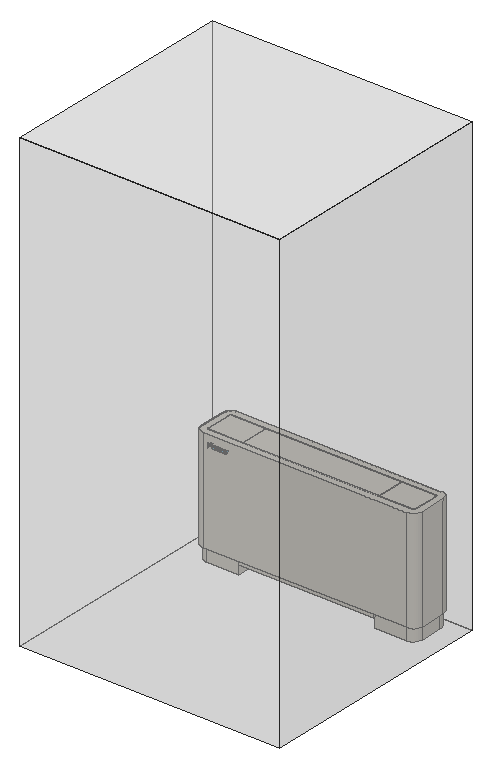
Revit family "outputfile", category 機械設備, Revit 2024
Family settings
  丸型コネクタ寸法 = 半径を使用
  パーツ タイプ = 標準
  OmniClass 番号 = 23.75.10.24.21.27.27
  OmniClass タイトル = Split System Air Conditioning Units
  作業面ベース = いいえ
  常に垂直 = はい
  ロード時にボイドで切り取り = いいえ
  注釈の向きを維持 = いいえ
  共有 = いいえ
  部屋計算ポイント = いいえ
Parameters (values of type "FXLQ32MAVE8")
  Description = ""
  製造元 = "Daikin"
  書き出し IFC クラス(タイプ) = "IfcUnitaryEquipmentType"
  定義済み IFC タイプ(タイプ) = "AIRCONDITIONINGUNIT"
  Cost = 0
  モデル = "FXLQ32MAVE8"
  Type Comments = ""
  Keynote = ""
  Type Image = (empty or 0)
  Assembly Code = ""
  w_machine casing = 760.0 mm
  w_hangerfixture = 0.0 mm
  w_dischargeflange = 702.0 mm
  w_2_machine casing = 730.0 mm
  w_1_machine casing = 702.0 mm
  r_Liquid Pipe Size = Liquid Pipe Size / 2  # 3.2 mm
  r_Gas Pipe Size = Gas Pipe Size / 2  # 6.35 mm
  w_mounting foot = 830.0 mm
  r_Drain Pipe Size = Drain Pipe Size / 2  # 10.5 mm
  h_mountinghole = [h***] + 2.5 mm  # 2.5 mm
  lh_liquidpipe = 391.0 mm  # constant formula
  lh_gaspipe = 301.0 mm  # constant formula
  lh_drainpipe = 181.0 mm  # constant formula
  lh_antena = 598.5 mm  # constant formula
  ld_liquidpipe = 88.0 mm  # constant formula
  ld_gaspipe = 143.0 mm  # constant formula
  ld_drainpipe = 156.0 mm  # constant formula
  h*** = 0.0 mm  # constant formula
  w_front suction = 601.0 mm
  d_pipe_2 = 27.3 mm  # constant formula
  d_pipe_1 = 47.6 mm  # constant formula
  d_pipe = 71.2 mm  # constant formula
  Width = 1140.0 mm
  Voltage_comment_50Hz = "220-240"
  Voltage_50Hz = 220 V
  Version = "ver.1.0"
  Unit Type = "Floor Standing Type"
  Unit Mass Weight = 30.00 kg
  Unit Designation [instance] = ""
  Uniclass2015Version = "Products v1.30"
  Uniclass2015Title = "Variable refrigerant flow units"
  Uniclass2015Code = "Pr_70_65_03_94"
  URL = ""
  Total Heating Capacity [instance] = 0.000 kW
  Total Cooling Capacity [instance] = 0.000 kW
  Sound Pressure Level_M speed (dBA) = 0
  Sound Pressure Level_L speed (dBA) = 33
  Sound Pressure Level_H speed (dBA) = 36
  Sound Power Level_H speed (dB) = 0
  Series = "VRV Fan Coil Unit"
  Sensible Cooling Capacity [instance] = 0.000 kW
  SA Duct Size Width = w_dischargeflange  # 702.0 mm
  SA Duct Size Height = 150.0 mm  # constant formula
  Refrigerant Type = "R410A"
  Power Input (Heating) = 0.090 kW
  Power Input (Cooling) = 0.090 kW
  Phase_50Hz = 1
  Option Accessory 3 [instance] = ""
  Option Accessory 2 [instance] = ""
  Option Accessory 1 [instance] = ""
  Nominal Heating Capacity = 4.000 kW
  Nominal Cooling Capacity = 3.600 kW
  Minimum External Static Pressure = 0.00 Pa
  Minimum Circuit Amps_50Hz = 0.6 A
  Minimum Airflow = 360.00 m³/h
  Median Airflow = 0.00 m³/h
  Maximum Fuse Amps_50Hz = 15.0 A
  Maximum External Static Pressure = 0.00 Pa
  Maximum Airflow = 480.00 m³/h
  Material_Casing = DAIKIN_IvoryWhite_Casing_indoorunit
  Load Classification = HVAC
  Liquid Pipe Size = 6.4 mm
  Link_Nested Family [instance] = ""
  IfcVersion = "0"
  IfcExportType = "AIRCONDITIONINGUNIT"
  IfcExportAs = "IfcUnitaryEquipmentType"
  Height = 600.0 mm
  Heating Entering Wet Bulb Temperature [instance] = 0.00 °C
  Heating Entering Dry Bulb Temperature [instance] = 0.00 °C
  Heating Ambient Wet Bulb Temperature [instance] = 0.00 °C
  Heating Ambient Dry Bulb Temperature [instance] = 0.00 °C
  Heat Exchanger Type = "Cross Fin Coil"
  Gas Pipe Size = 12.7 mm
  Frequency_50Hz = 50 Hz
  Fan Type = "Sirocco Fan"
  Fan Drive = "Direct Drive"
  FCU Tag No. [instance] = ""
  Drain Pipe Size = 21.0 mm
  Design Supply Airflow [instance] = 0.00 m³/h
  Design External Static Pressure [instance] = 0.00 Pa
  Depth = 222.0 mm
  既定の高さ = 0.0 mm
  Cooling Entering Wet Bulb Temperature [instance] = 0.00 °C
  Cooling Entering Dry Bulb Temperature [instance] = 0.00 °C
  Cooling Ambient Wet Bulb Temperature [instance] = 0.00 °C
  Cooling Ambient Dry Bulb Temperature [instance] = 0.00 °C
  Clearance visibility [instance] = yes
  Clearance Top = 1750.0 mm
  Clearance Right = 100.0 mm
  Clearance Rear = 20.0 mm
  Clearance Left = 100.0 mm
  Clearance Front = 1000.0 mm
  Clearance Bottom = 0.0 mm
Reference planes
  plane 1: y = 0
  plane 2: z = 0
  plane 3 "Center (Left/Right)": x = 0
  plane 4 "Center (Front/Back)": y = -103
  plane 5: y = -206
  plane 6: x = -380
  plane 7: x = 380
  plane 8: z = 584
  plane 9: z = 68
  plane 10: z = 609
  plane 11: z = 2350
  plane 12: z = 0
  plane 13: x = -670
  plane 14: x = 670
  plane 15: y = -1214
  plane 16: y = 28
  plane 17 "Bottom": z = 0
  plane 18: x = -348
  plane 19: x = 348
  plane 20: x = -399
  plane 21: x = -550
  plane 22: z = 129
  plane 23: z = 518
  plane 24: z = 564.5
  plane 25: y = -32
  plane 26: x = 478.8
  plane 27 "ld_drainpipe": y = -148
  plane 28: z = 181
  plane 29: z = 301
  plane 30: z = 391
  plane 31: x = 407
  plane 32: x = 365
  plane 33: x = -365
  plane 34 "ld_liquidpipe": y = -80
  plane 35 "ld_gaspipe": y = -135
  plane 36: x = 514
  plane 37: z = 518.4
  plane 38: z = 388.6
  plane 39: x = 366
  plane 40: x = -366
  plane 41: x = -474.5
  plane 42: y = -42
  plane 43: y = -25.8
  plane 44 "Left": x = -570
  plane 45 "Right": x = 570
  plane 46: x = -351
  plane 47: x = 351
  plane 48: z = 70
  plane 49 "Top": z = 600
  plane 50 "Front": y = -214
  plane 51 "Back": y = 8
  plane 52: y = -201
Forms (mm)
  Extrusion 1, solid, material "DAIKIN_IvoryWhite_Casing_indoorunit" <- "Material_Casing"
    sketch origin (0, 0, 0) x (1, 0, 0) y (0, 1, 0)
      loop
        line (-380, 0) -> (-380, -206) -> (380, -206) -> (380, 0) -> (-380, 0)
    from 68 to 584
  Extrusion 2, solid, material "DAIKIN_IvoryWhite_Casing_indoorunit" <- "Material_Casing"
    sketch origin (0, 0, 68) x (0, 1, 0) y (1, 0, 0)
      loop
        line (0, -348) -> (0, 348) -> (-206, 348) -> (-206, -348) -> (0, -348)
    from 0 to 19.6
  Extrusion 3, solid, material "DAIKIN_IvoryWhite_Casing_indoorunit" <- "Material_Casing"
    sketch origin (-380, -206, 0) x (0, 1, 0) y (0, 0, -1)
      loop
        circle (103, -448.5) r 12.5
      loop
        circle (103, -243.5) r 12.5
    from 0 to 19
  Extrusion 4, solid, material "DAIKIN_IvoryWhite_Casing_indoorunit" <- "Material_Casing"
    sketch origin (0, 0, 68) x (-1, 0, 0) y (0, -1, 0)
      loop
        line (550, 25.8) -> (550, 71.25) -> (415.25, 206) -> (399, 206) -> (399, 25.8) -> (550, 25.8)
    from 61 to 450
  Extrusion 5, solid, material "DAIKIN_IvoryWhite_Casing_indoorunit" <- "Material_Casing"
    sketch origin (380, 0, 0) x (0, -1, 0) y (0, 0, -1)
      loop
        line (5.208, -545.14) -> (32, -564.5) -> (104, -554.5) -> (202.913, -407.529) -> (197.289, -319.3) -> (168.604, -299.952) -> (5.208, -545.14)
    from 0 to 98.8
  Extrusion 6, solid, material "DAIKIN_IvoryWhite_Casing_indoorunit" <- "Material_Casing"
    sketch origin (380, 0, 0) x (0, -1, 0) y (0, 0, -1)
      loop
        line (188.5, -240) -> (188.5, -210) -> (107.5, -210) -> (107.5, -240) -> (188.5, -240)
    from 0 to 50
  Extrusion 7, solid, material "DAIKIN_IvoryWhite_Casing_indoorunit" <- "Material_Casing"
    sketch origin (380, -107.5, 210) x (-1, 0, 0) y (0, 1, 0)
      loop
        circle (-27, -40.5) r 10.5
    from 0 to 29
  Sweep 8, solid, material "DAIKIN_IvoryWhite_Casing_indoorunit" <- "Material_Casing"
    path origin (0, -80, 0) x (0, 0, 1) y (1, 0, 0)
      loop
        line (518.4, 478.8) -> (518.4, 501)
        arc (518.4, 501) -> (514.592, 510.192) -> (505.4, 514) r 13
        line (505.4, 514) -> (391, 514)
    profile origin (489.9, -80, 518.4) x (0, 0, -1) y (0, 1, 0)
      loop
        circle (0, 0) r 3.2
  Sweep 9, solid, material "DAIKIN_IvoryWhite_Casing_indoorunit" <- "Material_Casing"
    path origin (0, -135, 0) x (0, 0, 1) y (1, 0, 0)
      loop
        line (388.6, 478.8) -> (388.6, 501)
        arc (388.6, 501) -> (384.792, 510.192) -> (375.6, 514) r 13
        line (375.6, 514) -> (301, 514)
    profile origin (489.9, -135, 388.6) x (0, 0, -1) y (0, 1, 0)
      loop
        circle (0, 0) r 6.35
Dimensions and locks
  equal spacing: plane 5, plane 4 "Center (Front/Back)", plane 1
  equal spacing: plane 6, plane 3 "Center (Left/Right)", plane 7
  locked: plane 10 to plane 8 at 25
  "h***": plane 17 "Bottom" to plane 2
  locked: plane 8 to plane 9 at 516
  "Clearance Bottom": plane 17 "Bottom" to plane 12
  locked: plane 6 to plane 18 at 32
  locked: plane 19 to plane 7 at 32
  plane 18 to plane 19 = 696.0 mm
  locked: Extrusion 3 sketch curve to plane 9 at 175.5
  locked: Extrusion 3 sketch curve to Extrusion 3 sketch curve at 205
  locked: plane 6 to plane 20 at 19
  plane 23 to plane 22 to plane 17 "Bottom" = 389.0 mm locked, 129.0 mm locked
  locked: plane 21 to plane 6 at 170
  locked: plane 10 to plane 24 at 44.5
  locked: plane 5 to plane 25 at 174
  locked: plane 7 to plane 26 at 98.8
  locked: Extrusion 6 sketch curve to Extrusion 6 sketch curve at 30
  locked: Extrusion 6 sketch curve to Extrusion 6 sketch curve at 81
  locked: Extrusion 6 sketch curve to plane 17 "Bottom" at 240
  locked: plane 27 "ld_drainpipe" to Extrusion 6 sketch curve at 40.5
  "lh_drainpipe": plane 28 to plane 17 "Bottom"
  "lh_gaspipe": plane 29 to plane 17 "Bottom"
  "lh_liquidpipe": plane 30 to plane 17 "Bottom"
  locked: plane 33 to plane 6 at 15
  locked: plane 7 to plane 32 at 15
  locked: plane 31 to plane 32 at 42
  locked: plane 36 to plane 7 at 134
  locked: plane 10 to plane 37 at 90.6
  locked: plane 10 to plane 38 at 220.4
  locked: plane 6 to plane 40 at 14
  locked: plane 39 to plane 7 at 14
  equal spacing: plane 32, plane 3 "Center (Left/Right)", plane 33
  plane 32 to plane 33 = 730.0 mm
  locked: plane 21 to plane 41 at 75.5
  locked: plane 42 to plane 1 at 42
  locked: plane 43 to plane 5 at 180.2
  locked: Extrusion 4 sketch curve to plane 20 at 16.25
  locked: plane 43 to Extrusion 4 sketch curve at 45.45
  locked: plane 46 to plane 44 "Left" at 219
  locked: plane 45 "Right" to plane 47 at 219
  "Width": plane 45 "Right" to plane 44 "Left"
  locked: plane 49 "Top" to plane 48 at 530
  equal spacing: plane 45 "Right", plane 3 "Center (Left/Right)", plane 44 "Left"
  "w_machine casing": plane 6 to plane 7
  "Depth": plane 51 "Back" to plane 50 "Front"
  equal spacing: plane 51 "Back", plane 4 "Center (Front/Back)", plane 50 "Front"
  locked: plane 1 to plane 5 at 206
  locked: plane 10 to plane 17 "Bottom" at 609
  "Height": plane 49 "Top" to plane 17 "Bottom"
  "Clearance Rear": plane 16 to plane 51 "Back"
  "Clearance Front": plane 50 "Front" to plane 15
  "Clearance Right": plane 14 to plane 45 "Right"
  "Clearance Left": plane 44 "Left" to plane 13
  "Clearance Top": plane 11 to plane 49 "Top"
  equal spacing: plane 18, nested 2, plane 19
  "ld_liquidpipe": plane 34 "ld_liquidpipe" to plane 51 "Back"
  "ld_gaspipe": plane 35 "ld_gaspipe" to plane 51 "Back"
  "ld_drainpipe": plane 27 "ld_drainpipe" to plane 51 "Back"
  locked: plane 50 "Front" to plane 52 at 13
  "Drain Pipe Size": diameter of Extrusion 7 sketch curve
  "Gas Pipe Size": diameter of Sweep 9 sketch curve
  locked: Extrusion 4 sketch curve to Extrusion 4 sketch curve (angle 45.00°)
  aligned and locked: level to plane 2
  aligned and locked: plane 1 to Extrusion 1 sketch curve
  aligned and locked: plane 6 to Extrusion 1 sketch curve
  aligned and locked: plane 5 to Extrusion 1 sketch curve
  aligned and locked: Extrusion 1 sketch curve to plane 7
  aligned and locked: plane 8 to Extrusion 1
  aligned and locked: Extrusion 1 to plane 9
  aligned and locked: plane 8 to nested 1
  aligned and locked: plane 3 "Center (Left/Right)" to nested 1
  aligned and locked: nested 2 to plane 16
  aligned and locked: nested 2 to plane 15
  aligned and locked: plane 11 to nested 2
  aligned and locked: plane 12 to nested 2
  aligned and locked: plane 13 to nested 2
  aligned and locked: plane 14 to nested 2
  aligned and locked: nested 3 to plane 4 "Center (Front/Back)"
  aligned and locked: nested 4 to plane 4 "Center (Front/Back)"
  aligned and locked: plane 1 to Extrusion 2 sketch curve
  aligned and locked: plane 5 to Extrusion 2 sketch curve
  aligned and locked: plane 18 to Extrusion 2 sketch curve
  aligned and locked: Extrusion 2 sketch curve to plane 19
  aligned and locked: plane 4 "Center (Front/Back)" to Extrusion 3 sketch curve  (x2)
  aligned and locked: Extrusion 3 to plane 20
  aligned and locked: plane 21 to Extrusion 4 sketch curve
  aligned and locked: Extrusion 4 sketch curve to plane 20
  aligned and locked: plane 23 to Extrusion 4
  aligned and locked: Extrusion 4 to plane 22
  aligned and locked: plane 26 to Extrusion 5
  aligned and locked: plane 25 to Extrusion 5 sketch curve
  aligned and locked: plane 24 to Extrusion 5 sketch curve
  aligned and locked: plane 31 to Extrusion 7 sketch curve
  aligned and locked: plane 27 "ld_drainpipe" to Extrusion 7 sketch curve
  aligned and locked: Extrusion 7 to plane 28
  aligned and locked: plane 36 to Sweep 8 sketch curve
  aligned and locked: Sweep 8 sketch curve to plane 37
  aligned and locked: plane 30 to Sweep 8 sketch curve
  aligned and locked: plane 26 to Sweep 8 sketch curve
  aligned and locked: plane 29 to Sweep 9 sketch curve
  aligned and locked: plane 26 to Sweep 9 sketch curve
  aligned and locked: Sweep 9 sketch curve to plane 38
  aligned and locked: plane 36 to Sweep 9 sketch curve
  aligned and locked: nested 3 to plane 39
  aligned and locked: plane 40 to nested 4
  aligned and locked: plane 31 to nested 5
  aligned and locked: nested 6 to plane 36
  aligned and locked: nested 7 to plane 36
  aligned and locked: nested 8 to plane 41
  aligned and locked: plane 4 "Center (Front/Back)" to nested 8
  aligned and locked: Extrusion 4 sketch curve to plane 43
  aligned and locked: Extrusion 4 sketch curve to plane 5
  aligned and locked: nested 7 to plane 34 "ld_liquidpipe"
  aligned and locked: nested 6 to plane 35 "ld_gaspipe"
  aligned and locked: nested 5 to plane 27 "ld_drainpipe"
  aligned and locked: nested 9 to plane 46
  aligned and locked: nested 9 to plane 17 "Bottom"
  aligned and locked: nested 10 to plane 47
  aligned and locked: nested 10 to plane 17 "Bottom"
  aligned and locked: plane 3 "Center (Left/Right)" to nested 11
  aligned and locked: nested 11 to plane 4 "Center (Front/Back)"
  aligned and locked: nested 11 to plane 48
  aligned and locked: nested 12 to plane 50 "Front"
  aligned and locked: plane 24 to nested 12
  aligned and locked: plane 20 to nested 12
  aligned and locked: plane 52 to nested 10
  aligned and locked: nested 9 to plane 52
  aligned and locked: nested 5 to plane 17 "Bottom"
  aligned and locked: nested 6 to plane 17 "Bottom"
  aligned and locked: nested 7 to plane 17 "Bottom"
  aligned and locked: nested 8 to plane 17 "Bottom"
  aligned and locked: plane 4 "Center (Front/Back)" to nested 1
  aligned and locked: plane 49 "Top" to nested 11
Automatic sketch dimensions
  Extrusion 1 sketch curve to plane 5 = 0.0 mm
  Extrusion 1 to Extrusion 5 sketch curve = 5.208 mm
  Extrusion 1 to Extrusion 5 sketch curve = 29.5 mm
  Extrusion 5 sketch curve to Extrusion 5 sketch curve = 72.0 mm
  Extrusion 1 to Extrusion 5 sketch curve = 37.396 mm
  Extrusion 1 to Extrusion 5 sketch curve = 8.711 mm
  Extrusion 1 to Extrusion 5 sketch curve = 3.087 mm
  Extrusion 5 sketch curve to Extrusion 5 sketch curve = 19.36 mm
  Extrusion 1 to Extrusion 5 sketch curve = 176.471 mm
  Extrusion 5 sketch curve to Extrusion 5 sketch curve = 88.229 mm
  Extrusion 5 sketch curve to Extrusion 5 sketch curve = 19.348 mm
  Sweep 8 sketch curve to profile plane = 0.0 mm  (x2)
  Sweep 8 sketch curve to plane 23 = 12.6 mm
  Sweep 9 sketch curve to plane 38 = 13.0 mm
  Sweep 9 sketch curve to plane 35 "ld_gaspipe" = 0.0 mm
  Sweep 9 sketch curve to profile plane = 0.0 mm
  radius of Extrusion 3 sketch curve = 12.5 mm  (x2)
  radius of Sweep 8 sketch curve = 3.2 mm
Nested families
  nested 1: "daikin_ductflange_FXLQ-MAVE8" at (0, -178, 584) x (1, 0, 0) z (0, 1, 0), width <- "w_dischargeflange", material <- "Material_Casing", type "daikin_ductflange_FXLQ-MAVE8"
    with width 702.0 mm, material DAIKIN_IvoryWhite_Casing_indoorunit, height 150.0 mm, depth 16.0 mm
  nested 2: "daikin_clearancespace" at (0, -593, 1175.119), visible <- "Clearance visibility", show <- "Clearance visibility", Link_Nested Family <- "Link_Nested Family", type "daikin_clearancespace"
    with width 1340.0 mm, show yes, height 2350.0 mm, depth 1242.0 mm, Link_Nested Family ""
  nested 3: "daikin_mountinghole" at (366, -103, 0), Link_Nested Family <- "Link_Nested Family", h_mountinghole <- "h_mountinghole", l_antenna <- "lh_antena", type "daikin_mountinghole"
    with show yes, l_antenna 598.5 mm, h_mountinghole 2.5 mm, Link_Nested Family ""
  nested 4: "daikin_mountinghole" at (-366, -103, 0), Link_Nested Family <- "Link_Nested Family", h_mountinghole <- "h_mountinghole", l_antenna <- "lh_antena", type "daikin_mountinghole"
    with show yes, l_antenna 598.5 mm, h_mountinghole 2.5 mm, Link_Nested Family ""
  nested 5: "daikin_connector_rotate2" at (407, -148, 181) x (1, 0, 0) z (0, -1, 0), radius <- "r_Drain Pipe Size", length <- "lh_drainpipe", type "daikin_connector_rotate2"
    with radius 10.5 mm, length 181.0 mm, angle_vertical 90.00°, show_face no
  nested 6: "daikin_connector_rotate2" at (514, -135, 301) x (1, 0, 0) z (0, -1, 0), radius <- "r_Gas Pipe Size", length <- "lh_gaspipe", type "daikin_connector_rotate2"
    with radius 6.35 mm, length 301.0 mm, angle_vertical 90.00°, show_face no
  nested 7: "daikin_connector_rotate2" at (514, -80, 391) x (1, 0, 0) z (0, -1, 0), radius <- "r_Liquid Pipe Size", length <- "lh_liquidpipe", type "daikin_connector_rotate2"
    with radius 3.2 mm, length 391.0 mm, angle_vertical 90.00°, show_face no
  nested 8: "daikin_connector_rotate2" at (-474.5, -103, 129) x (1, 0, 0) z (0, -1, 0), type "daikin_connector_rotate2"
    with radius 10.0 mm, length 129.0 mm, angle_vertical 90.00°, show_face no
  nested 9: "daikin_hangerfixture_FXLQ-MAVE8" at (-455.5, -99, 0), type "daikin_hangerfixture_FXLQ-MAVE8"
  nested 10: "daikin_hangerfixture_FXLQ-MAVE8" at (455.5, -99, 0) x (-1, 0, 0) z (0, 0, 1), type "daikin_hangerfixture_FXLQ-MAVE8"
  nested 11: "daikin_machine casing_FXLQ-MAVE8" at (0, -103, 70), width <- "Width", W_2 <- "w_2_machine casing", W_1 <- "w_1_machine casing", material <- "Material_Casing", type "daikin_machine casing_FXLQ-MAVE8"
    with width 1140.0 mm, material DAIKIN_IvoryWhite_Casing_indoorunit, height 530.0 mm, depth 222.0 mm, W_2 730.0 mm, W_1 702.0 mm, D_1 150.0 mm
  nested 12: "daikin_logo_elevation_w100" at (-434, -214, 539.5), type "daikin_logo_elevation_w100"
    with show_logo yes
Connectors
  electrical at (-474.5, -103, 0), driven by "Load Classification"
    settings: on nested 8, index 5, voltage 0 V, apparent load 0 VA, apparent load phase1 0 VA, apparent load phase2 0 VA, apparent load phase3 0 VA, power factor 1, load classification "HVAC", number of poles 1, system type 30, power factor state 1, is connector primary yes, connector utility no, sub classification motor no, connector description "Power Supply"
  piping at (514, -80, 0), diameter 6.4, driven by "r_Liquid Pipe Size"
    settings: on nested 7, index 6, connector inside diameter 609.6 mm, connector length 0.0 mm, flow factor 0, pipe flow 0.00 m³/h, pressure drop 0.0 Pa, fitting loss kfactor 0, connector angle 0.00°, fixture units 0, engagement length 0.0 mm, angle of deflection 0.00°, flow configuration 1, flow direction 1, fitting loss method 0, system type 29, joint type 0, gender type 0, connector reference index -1, connector utility 0, adjustable connector no, is connector primary yes, connector description "Refrigerant Liquid Piping"
  piping at (514, -135, 0), diameter 12.7, driven by "r_Gas Pipe Size"
    settings: on nested 6, index 7, connector inside diameter 609.6 mm, connector length 0.0 mm, flow factor 0, pipe flow 0.00 m³/h, pressure drop 0.0 Pa, fitting loss kfactor 0, connector angle 0.00°, fixture units 0, engagement length 0.0 mm, angle of deflection 0.00°, flow configuration 1, flow direction 2, fitting loss method 0, system type 29, joint type 0, gender type 0, connector reference index -1, connector utility 0, adjustable connector no, is connector primary no, connector description "Refrigerant Gas Piping"
  piping at (407, -148, 0), diameter 21, driven by "r_Drain Pipe Size"
    settings: on nested 5, index 8, connector inside diameter 609.6 mm, connector length 0.0 mm, flow factor 0, pipe flow 0.00 m³/h, pressure drop 0.0 Pa, fitting loss kfactor 0, connector angle 0.00°, fixture units 0, engagement length 0.0 mm, angle of deflection 0.00°, flow configuration 1, flow direction 2, fitting loss method 4, system type 16, joint type 0, gender type 0, connector reference index -1, connector utility 0, adjustable connector no, is connector primary no, connector description "Condensate Drain Piping"
Definition of nested family "daikin_ductflange_FXLQ-MAVE8"
  Parameters (values of type "daikin_ductflange_FXLQ-MAVE8")
    width [instance] = 662.0 mm
    material [instance] = none
    height [instance] = 150.0 mm
    depth [instance] = 25.0 mm
    Default Elevation = 0.0 mm
  Reference planes
    plane 1 "Center (Front/Back)": y = 0
    plane 2: z = 0
    plane 3 "Center (Left/Right)": x = 0
    plane 4: y = -25
    plane 5: x = -331
    plane 6: x = 331
    plane 7 "Top": z = 150
    plane 8: y = -1
    plane 9: z = 135.5
    plane 10: z = 14.5
    plane 11 "Center (Elevation)": z = 75
    plane 12: x = -330
    plane 13: x = 330
  Forms (mm)
    Extrusion 1, solid, material <- "material"
      sketch origin (0, 0, 0) x (1, 0, 0) y (0, 0, 1)
        loop
          line (-331, 150) -> (-331, 0) -> (331, 0) -> (331, 150) -> (-331, 150)
      from 1 to 25
  Dimensions and locks
    "height": plane 7 "Top" to plane 2
    "width": plane 5 to plane 6
    equal spacing: plane 5, plane 3 "Center (Left/Right)", plane 6
    "depth": plane 1 "Center (Front/Back)" to plane 4
    locked: plane 8 to plane 1 "Center (Front/Back)" at 1
    locked: plane 7 "Top" to plane 9 at 14.5
    locked: plane 10 to plane 2 at 14.5
    equal spacing: plane 7 "Top", plane 11 "Center (Elevation)", plane 2
    locked: plane 12 to plane 5 at 1
    locked: plane 6 to plane 13 at 1
    aligned and locked: level to plane 2
    aligned and locked: plane 5 to Extrusion 1 sketch curve
    aligned and locked: Extrusion 1 sketch curve to plane 7 "Top"
    aligned and locked: plane 2 to Extrusion 1 sketch curve
    aligned and locked: Extrusion 1 sketch curve to plane 6
    aligned and locked: Extrusion 1 to plane 4
    aligned and locked: plane 8 to Extrusion 1
Definition of nested family "daikin_clearancespace"
  Parameters (values of type "daikin_clearancespace")
    width [instance] = 1823.963 mm
    show [instance] = yes
    material = none
    height [instance] = 1359.762 mm
    depth [instance] = 880.0 mm
    Default Elevation = 0.0 mm
    Link_Nested Family [instance] = ""
  Reference planes
    plane 1 "Center (Front/Back)": y = 0
    plane 2 "Center (Elevation)": z = -0.119
    plane 3 "Center (Left/Right)": x = 0
    plane 4: y = 440
    plane 5: y = -440
    plane 6 "Right": x = 911.982
    plane 7 "Left": x = -911.982
    plane 8 "Top": z = 679.762
    plane 9 "Bottom": z = -680
  Forms (mm)
    Extrusion 1, solid, material <- "material", visible <- "show"
      sketch origin (0, 0, 0) x (1, 0, 0) y (0, 1, 0)
        loop
          line (-911.982, 440) -> (-911.982, -440) -> (911.982, -440) -> (911.982, 440) -> (-911.982, 440)
      from -680 to 679.762
  Lines and regions (mm)
    symbolic lines, visible <- "show"
      curve 1: line (911.982, 440, 0) -> (-911.982, 440, 0)
      curve 2: line (-911.982, 440, 0) -> (-911.982, -440, 0)
      curve 3: line (-911.982, -440, 0) -> (911.982, -440, 0)
      curve 4: line (911.982, -440, 0) -> (911.982, 440, 0)
      curve 5: line (911.982, 0, 679.762) -> (-911.982, 0, 679.762)
      curve 6: line (911.982, 0, -680) -> (911.982, 0, 679.762)
      curve 7: line (-911.982, 0, -680) -> (911.982, 0, -680)
      curve 8: line (-911.982, 0, 679.762) -> (-911.982, 0, -680)
      curve 9: line (0, 440, 679.762) -> (0, -440, 679.762)
      curve 10: line (0, -440, 679.762) -> (0, -440, -680)
      curve 11: line (0, 440, -680) -> (0, 440, 679.762)
      curve 12: line (0, -440, -680) -> (0, 440, -680)
  Dimensions and locks
    "width": plane 7 "Left" to plane 6 "Right"
    "depth": plane 4 to plane 5
    "height": plane 8 "Top" to plane 9 "Bottom"
    equal spacing: plane 7 "Left", plane 3 "Center (Left/Right)", plane 6 "Right"
    equal spacing: plane 4, plane 1 "Center (Front/Back)", plane 5
    equal spacing: plane 8 "Top", plane 2 "Center (Elevation)", plane 9 "Bottom"
    aligned and locked: level to plane 2 "Center (Elevation)"
    aligned and locked: Extrusion 1 sketch curve to plane 4
    aligned and locked: plane 7 "Left" to Extrusion 1 sketch curve
    aligned and locked: Extrusion 1 sketch curve to plane 5
    aligned and locked: Extrusion 1 sketch curve to plane 6 "Right"
    aligned and locked: plane 8 "Top" to Extrusion 1
    aligned and locked: curve 1 to Extrusion 1
    aligned and locked: curve 2 to Extrusion 1
    aligned and locked: curve 3 to Extrusion 1
    aligned and locked: curve 4 to Extrusion 1
    aligned and locked: curve 5 to Extrusion 1
    aligned and locked: curve 6 to Extrusion 1
    aligned and locked: curve 7 to Extrusion 1
    aligned and locked: curve 8 to Extrusion 1
    aligned and locked: curve 9 to Extrusion 1
    aligned and locked: curve 10 to Extrusion 1
    aligned and locked: curve 11 to Extrusion 1
    aligned and locked: curve 12 to Extrusion 1
    aligned and locked: Extrusion 1 to plane 9 "Bottom"
Definition of nested family "daikin_hangerfixture_FXLQ-MAVE8"
  Parameters (values of type "daikin_hangerfixture_FXLQ-MAVE8")
    width = 209.0 mm
    material = none
    height = 70.0 mm
    depth = 204.0 mm
    Default Elevation = 0.0 mm
  Reference planes
    plane 1 "Center (Front/Back)": y = 0
    plane 2: z = 0
    plane 3 "Center (Left/Right)": x = 0
    plane 4: x = -104.5
    plane 5: x = 104.5
    plane 6: y = 102
    plane 7: y = -102
    plane 8: z = 70
  Forms (mm)
    Extrusion 1, solid, material <- "material"
      sketch origin (0, 0, 0) x (1, 0, 0) y (0, 1, 0)
        loop
          arc (-59.5, 102) -> (-91.32, 88.82) -> (-104.5, 57) r 45
          line (-104.5, 57) -> (-104.5, -57)
          arc (-104.5, -57) -> (-91.32, -88.82) -> (-59.5, -102) r 45
          line (-59.5, -102) -> (104.5, -102) -> (104.5, 102) -> (-59.5, 102)
      from 0 to 70
    Extrusion 2, void
      sketch origin (0, 0, 0) x (1, 0, 0) y (0, 1, 0)
        loop
          line (74.5, 92) -> (-55.5, 92)
          arc (-55.5, 92) -> (-80.249, 81.749) -> (-90.5, 57) r 35
          line (-90.5, 57) -> (-90.5, -57)
          arc (-90.5, -57) -> (-80.249, -81.749) -> (-55.5, -92) r 35
          line (-55.5, -92) -> (74.5, -92) -> (74.5, 92)
      from 0 to 67.5
    Extrusion 3, void
      sketch origin (0, 0, 0) x (1, 0, 0) y (0, 1, 0)
        loop
          line (83.5, 9) -> (83.5, -9) -> (95.5, -9) -> (95.5, 9) -> (83.5, 9)
      from 0 to 2.5
    Extrusion 4, void
      sketch origin (0, 0, 0) x (1, 0, 0) y (0, 1, 0)
        loop
          line (74.5, 92) -> (74.5, -92) -> (102, -92) -> (102, 92) -> (74.5, 92)
      from 2.5 to 67.5
  Cuts and joins
    Extrusion 2, Extrusion 3, Extrusion 4 cuts Extrusion 1
  Dimensions and locks
    "depth": plane 7 to plane 6
    equal spacing: plane 7, plane 1 "Center (Front/Back)", plane 6
    "width": plane 4 to plane 5
    equal spacing: plane 4, plane 3 "Center (Left/Right)", plane 5
    "height": plane 8 to plane 2
    locked: Extrusion 2 sketch curve to plane 5 at 30
    locked: Extrusion 2 sketch curve to plane 6 at 10
    locked: plane 7 to Extrusion 2 sketch curve at 10
    locked: plane 4 to Extrusion 2 sketch curve at 14
    locked: Extrusion 3 sketch curve to Extrusion 3 sketch curve at 12
    locked: Extrusion 3 sketch curve to Extrusion 3 sketch curve at 18
    locked: Extrusion 3 sketch curve to plane 1 "Center (Front/Back)" at 9
    locked: Extrusion 3 sketch curve to plane 5 at 9
    locked: Extrusion 4 sketch curve to plane 6 at 10
    locked: plane 7 to Extrusion 4 sketch curve at 10
    locked: Extrusion 4 sketch curve to plane 5 at 2.5
    aligned and locked: level to plane 2
    aligned and locked: plane 6 to Extrusion 1 sketch curve
    aligned and locked: plane 4 to Extrusion 1 sketch curve
    aligned and locked: Extrusion 1 sketch curve to plane 7
    aligned and locked: Extrusion 1 sketch curve to plane 5
    aligned and locked: plane 8 to Extrusion 1
  Automatic sketch dimensions
    plane 4 to Extrusion 1 sketch curve = 45.0 mm  (x2)
    plane 4 to Extrusion 2 sketch curve = 49.0 mm
    Extrusion 2 sketch curve to Extrusion 2 sketch curve = 35.0 mm
    Extrusion 4 sketch curve to plane 5 = 30.0 mm
Definition of nested family "daikin_machine casing_FXLQ-MAVE8"
  Parameters (values of type "daikin_machine casing_FXLQ-MAVE8")
    width [instance] = 1000.0 mm
    material [instance] = none
    height [instance] = 530.0 mm
    depth [instance] = 222.0 mm
    W_2 [instance] = 590.0 mm
    W_1 [instance] = 562.0 mm
    Default Elevation = 0.0 mm
    D_1 [instance] = 150.0 mm
  Reference planes
    plane 1 "Center (Front/Back)": y = 0
    plane 2: z = 0
    plane 3 "Center (Left/Right)": x = 0
    plane 4: x = -500
    plane 5: x = 500
    plane 6: y = 111
    plane 7: y = -111
    plane 8: z = 530
    plane 9: x = -281
    plane 10: x = 281
    plane 11: y = 75
    plane 12: y = -75
    plane 13: x = -298
    plane 14: x = 298
    plane 15: x = -464
    plane 16: x = 464
    plane 17: x = -295
    plane 18: x = 295
    plane 19: z = 163
    plane 20: z = 355
  Forms (mm)
    Extrusion 1, solid, material <- "material"
      sketch origin (0, 0, 0) x (1, 0, 0) y (0, 1, 0)
        loop
          arc (-455, 111) -> (-486.82, 97.82) -> (-500, 66) r 45
          line (-500, 66) -> (-500, -66)
          arc (-500, -66) -> (-486.82, -97.82) -> (-455, -111) r 45
          line (-455, -111) -> (455, -111)
          arc (455, -111) -> (486.82, -97.82) -> (500, -66) r 45
          line (500, -66) -> (500, 66)
          arc (500, 66) -> (486.82, 97.82) -> (455, 111) r 45
          line (455, 111) -> (-455, 111)
      from 0 to 530
    Extrusion 2, void
      sketch origin (0, 0, 0) x (1, 0, 0) y (0, 1, 0)
        loop
          arc (-455, 108.5) -> (-485.052, 96.052) -> (-497.5, 66) r 42.5
          line (-497.5, 66) -> (-497.5, -66)
          arc (-497.5, -66) -> (-485.052, -96.052) -> (-455, -108.5) r 42.5
          line (-455, -108.5) -> (455, -108.5)
          arc (455, -108.5) -> (485.052, -96.052) -> (497.5, -66) r 42.5
          line (497.5, -66) -> (497.5, 66)
          arc (497.5, 66) -> (485.052, 96.052) -> (455, 108.5) r 42.5
          line (455, 108.5) -> (-455, 108.5)
      from 0 to 528
    Extrusion 3, void
      sketch origin (0, 0, 530) x (0, 1, 0) y (1, 0, 0)
        loop
          line (75, -281) -> (75, 281) -> (-75, 281) -> (-75, -281) -> (75, -281)
      from 0 to 2.5
    Extrusion 4, void
      sketch origin (0, 0, 530) x (0, 1, 0) y (1, 0, 0)
        loop
          line (75, -455) -> (75, -281) -> (74, -281) -> (74, -455)
          arc (74, -455) -> (71.657, -460.657) -> (66, -463) r 8
          line (66, -463) -> (-66, -463)
          arc (-66, -463) -> (-71.657, -460.657) -> (-74, -455) r 8
          line (-74, -455) -> (-74, -281) -> (-75, -281) -> (-75, -455)
          arc (-75, -455) -> (-72.364, -461.364) -> (-66, -464) r 9
          line (-66, -464) -> (66, -464)
          arc (66, -464) -> (72.364, -461.364) -> (75, -455) r 9
        loop
          line (75, 281) -> (75, 455)
          arc (75, 455) -> (72.364, 461.364) -> (66, 464) r 9
          line (66, 464) -> (-66, 464)
          arc (-66, 464) -> (-72.364, 461.364) -> (-75, 455) r 9
          line (-75, 455) -> (-75, 281) -> (-74, 281) -> (-74, 455)
          arc (-74, 455) -> (-71.657, 460.657) -> (-66, 463) r 8
          line (-66, 463) -> (66, 463)
          arc (66, 463) -> (71.657, 460.657) -> (74, 455) r 8
          line (74, 455) -> (74, 281) -> (75, 281)
      from 0 to 2.5
    Extrusion 5, void
      sketch origin (1480.036, 111, 1200) x (-1, 0, 0) y (0, 0, 1)
        loop
          line (1781.036, -830) -> (1769.036, -830) -> (1769.036, -860) -> (1781.036, -860) -> (1781.036, -830)
        loop
          line (1191.036, -830) -> (1179.036, -830) -> (1179.036, -860) -> (1191.036, -860) -> (1191.036, -830)
        loop
          line (1781.036, -1022) -> (1769.036, -1022) -> (1769.036, -1052) -> (1781.036, -1052) -> (1781.036, -1022)
        loop
          line (1191.036, -1022) -> (1179.036, -1022) -> (1179.036, -1052) -> (1191.036, -1052) -> (1191.036, -1022)
      from 0 to -2.5
  Cuts and joins
    Extrusion 2, Extrusion 3, Extrusion 4, Extrusion 5 cuts Extrusion 1
  Dimensions and locks
    "width": plane 4 to plane 5
    equal spacing: plane 4, plane 3 "Center (Left/Right)", plane 5
    "depth": plane 7 to plane 6
    equal spacing: plane 7, plane 1 "Center (Front/Back)", plane 6
    "height": plane 8 to plane 2
    locked: plane 4 to Extrusion 2 sketch curve at 2.5
    locked: Extrusion 2 sketch curve to plane 6 at 2.5
    locked: Extrusion 2 sketch curve to plane 5 at 2.5
    locked: plane 7 to Extrusion 2 sketch curve at 2.5
    "W_1": plane 9 to plane 10
    equal spacing: plane 9, plane 3 "Center (Left/Right)", plane 10
    "D_1": plane 12 to plane 11
    equal spacing: plane 12, plane 1 "Center (Front/Back)", plane 11
    locked: Extrusion 4 sketch curve to plane 11 at 1  (x2)
    locked: plane 15 to Extrusion 4 sketch curve at 1
    locked: plane 12 to Extrusion 4 sketch curve at 1  (x2)
    locked: Extrusion 4 sketch curve to plane 16 at 1
    locked: plane 4 to plane 15 at 36
    locked: plane 16 to plane 5 at 36
    locked: plane 13 to plane 9 at 17
    locked: plane 10 to plane 14 at 17
    "W_2": plane 18 to plane 17
    equal spacing: plane 18, plane 3 "Center (Left/Right)", plane 17
    plane 20 to plane 19 to plane 2 = 192.0 mm locked, 163.0 mm locked
    locked: Extrusion 5 sketch curve to Extrusion 5 sketch curve at 12  (x4)
    locked: Extrusion 5 sketch curve to Extrusion 5 sketch curve at 30  (x4)
    locked: Extrusion 5 sketch curve to plane 17 at 6
    locked: plane 20 to Extrusion 5 sketch curve at 15  (x2)
    locked: Extrusion 5 sketch curve to plane 18 at 6
    locked: plane 17 to Extrusion 5 sketch curve at 6
    locked: plane 19 to Extrusion 5 sketch curve at 15  (x2)
    locked: plane 18 to Extrusion 5 sketch curve at 6
    aligned and locked: level to plane 2
    aligned and locked: plane 6 to Extrusion 1 sketch curve
    aligned and locked: plane 4 to Extrusion 1 sketch curve
    aligned and locked: Extrusion 1 sketch curve to plane 7
    aligned and locked: Extrusion 1 sketch curve to plane 5
    aligned and locked: plane 8 to Extrusion 1
    aligned and locked: Extrusion 1 to plane 2
    aligned and locked: Extrusion 3 sketch curve to plane 11
    aligned and locked: Extrusion 3 sketch curve to plane 9
    aligned and locked: plane 12 to Extrusion 3 sketch curve
    aligned and locked: plane 10 to Extrusion 3 sketch curve
    aligned and locked: Extrusion 4 sketch curve to plane 11
    aligned and locked: Extrusion 4 sketch curve to plane 15
    aligned and locked: cut or joined group of Extrusion 1, Extrusion 2, Extrusion 3, Extrusion 4, Extrusion 5 to Extrusion 4 sketch curve
    aligned and locked: Extrusion 4 sketch curve to cut or joined group of Extrusion 1, Extrusion 2, Extrusion 3, Extrusion 4, Extrusion 5  (x2)
    aligned and locked: plane 12 to Extrusion 4 sketch curve
    aligned and locked: plane 16 to Extrusion 4 sketch curve
    aligned and locked: plane 11 to Extrusion 4 sketch curve
    aligned and locked: plane 10 to Extrusion 4 sketch curve
    aligned and locked: Extrusion 4 sketch curve to plane 9
  Automatic sketch dimensions
    plane 4 to Extrusion 1 sketch curve = 45.0 mm  (x2)
    Extrusion 1 sketch curve to plane 5 = 45.0 mm  (x2)
    Extrusion 2 sketch curve to Extrusion 2 sketch curve = 42.5 mm
    Extrusion 2 sketch curve to plane 5 = 45.0 mm  (x2)
    plane 4 to Extrusion 2 sketch curve = 45.0 mm
    Extrusion 4 sketch curve to Extrusion 4 sketch curve = 0.0 mm  (x8)
    Extrusion 4 sketch curve to Extrusion 4 sketch curve = 8.0 mm  (x4)
Definition of nested family "daikin_logo_elevation_w100"
  Parameters (values of type "daikin_logo_elevation_w100")
    width = 100.0 mm
    show_logo [instance] = yes
    material = none
    height = 25.0 mm
    depth = 5.0 mm
    Default Elevation = 0.0 mm
  Reference planes
    plane 1 "Center (Front/Back)": y = 0
    plane 2: z = 0
    plane 3 "Center (Left/Right)": x = -15
    plane 4 "left": x = -65
    plane 5 "right": x = 35
    plane 6: y = -5
    plane 7: z = 25
  Forms (mm)
    Extrusion 1, solid
      sketch origin (0, 0, 0) x (1, 0, 0) y (0, 0, 1)
        loop
          line (-65, 25) -> (-65, 14.753) -> (-53.814, 25) -> (-65, 25)
      from 0 to 5
    Extrusion 2, solid
      sketch origin (0, 0, 0) x (1, 0, 0) y (0, 0, 1)
        loop
          line (-42.019, 25) -> (-53.814, 25) -> (-65, 14.753) -> (-65, 3.87) -> (-42.019, 25)
      from 0 to 5
    Extrusion 3, solid
      sketch origin (0, 0, 0) x (1, 0, 0) y (0, 0, 1)
        loop
          line (-35.602, 20.041) -> (-41.486, 20.041) -> (-44.428, 8.274) -> (-35.602, 8.274)
          arc (-35.602, 8.274) -> (-32.105, 8.983) -> (-29.415, 11.329) r 6.978
          arc (-29.415, 11.329) -> (-28.233, 14.382) -> (-28.637, 17.63) r 6.701
          arc (-28.637, 17.63) -> (-29.469, 18.814) -> (-30.709, 19.559) r 3.49
          arc (-30.709, 19.559) -> (-33.138, 19.976) -> (-35.602, 20.041) r 17.114
        loop
          line (-38.544, 10.627) -> (-36.191, 10.627)
          arc (-36.191, 10.627) -> (-34.383, 11.838) -> (-33.335, 13.745) r 4.6
          arc (-33.335, 13.745) -> (-33.193, 15.202) -> (-33.538, 16.625) r 4.404
          arc (-33.538, 16.625) -> (-34.051, 17.128) -> (-34.72, 17.393) r 1.818
          line (-34.72, 17.393) -> (-37.073, 17.393) -> (-38.544, 10.627)
        loop
          line (-29.13, 8.274) -> (-25.894, 8.274) -> (-24.791, 10.333) -> (-20.158, 10.333) -> (-19.717, 8.274) -> (-14.422, 8.274) -> (-16.775, 20.041) -> (-22.659, 20.041) -> (-29.13, 8.274)
        loop
          line (-23.373, 12.98) -> (-20.725, 12.98) -> (-21.482, 16.511) -> (-23.373, 12.98)
        loop
          line (-10.009, 20.041) -> (-12.951, 8.274) -> (-7.95, 8.274) -> (-5.008, 20.041) -> (-10.009, 20.041)
        loop
          line (-5.008, 8.274) -> (-0.007, 8.274) -> (0.792, 11.472) -> (3.229, 8.274) -> (9.407, 8.274) -> (4.7, 14.451) -> (11.466, 20.041) -> (6.171, 20.041) -> (2.093, 16.672) -> (2.935, 20.041) -> (-2.066, 20.041) -> (-5.008, 8.274)
        loop
          line (10.583, 8.274) -> (15.879, 8.274) -> (18.82, 20.041) -> (13.819, 20.041) -> (10.583, 8.274)
        loop
          line (18.82, 8.274) -> (22.35, 8.274) -> (24.013, 14.925) -> (26.175, 8.274) -> (32.058, 8.274) -> (35, 20.041) -> (31.47, 20.041) -> (29.679, 12.878) -> (27.351, 20.041) -> (21.762, 20.041) -> (18.82, 8.274)
      from 0 to 5
  Lines and regions (mm)
    model lines
      curve 1: line (-42.019, 0, 25) -> (-52.024, 0, 25)
      curve 2: line (-52.024, 0, 25) -> (-65, 0, 13.114)
      curve 3: line (-65, 0, 13.114) -> (-65, 0, 3.87)
      curve 4: line (-65, 0, 3.87) -> (-42.019, 0, 25)
      curve 5: line (-65, 0, 14.753) -> (-65, 0, 25)
      curve 6: line (-65, 0, 25) -> (-53.814, 0, 25)
      curve 7: line (-53.814, 0, 25) -> (-65, 0, 14.753)
      curve 8: line (-20.725, 0, 12.98) -> (-23.373, 0, 12.98)
      curve 9: line (-23.373, 0, 12.98) -> (-21.482, 0, 16.511)
      curve 10: line (-21.482, 0, 16.511) -> (-20.725, 0, 12.98)
      curve 11: line (-19.717, 0, 8.274) -> (-20.158, 0, 10.333)
      curve 12: line (-20.158, 0, 10.333) -> (-24.791, 0, 10.333)
      curve 13: line (-24.791, 0, 10.333) -> (-25.894, 0, 8.274)
      curve 14: line (-25.894, 0, 8.274) -> (-29.13, 0, 8.274)
      curve 15: line (-29.13, 0, 8.274) -> (-22.659, 0, 20.041)
      curve 16: line (-22.659, 0, 20.041) -> (-16.775, 0, 20.041)
      curve 17: line (-36.191, 0, 10.627) -> (-38.544, 0, 10.627)
      curve 18: line (-38.544, 0, 10.627) -> (-37.073, 0, 17.393)
      curve 19: line (-37.073, 0, 17.393) -> (-34.72, 0, 17.393)
      curve 20: line (-5.008, 0, 20.041) -> (-10.009, 0, 20.041)
      curve 21: line (-10.009, 0, 20.041) -> (-12.951, 0, 8.274)
      curve 22: line (-12.951, 0, 8.274) -> (-7.95, 0, 8.274)
      curve 23: line (-7.95, 0, 8.274) -> (-5.008, 0, 20.041)
      curve 24: line (24.013, 0, 14.925) -> (22.35, 0, 8.274)
      curve 25: line (22.35, 0, 8.274) -> (18.82, 0, 8.274)
      curve 26: line (18.82, 0, 8.274) -> (21.762, 0, 20.041)
      curve 27: line (21.762, 0, 20.041) -> (27.351, 0, 20.041)
      curve 28: line (27.351, 0, 20.041) -> (29.679, 0, 12.878)
      curve 29: line (29.679, 0, 12.878) -> (31.47, 0, 20.041)
      curve 30: line (31.47, 0, 20.041) -> (35, 0, 20.041)
      curve 31: line (35, 0, 20.041) -> (32.058, 0, 8.274)
      curve 32: line (32.058, 0, 8.274) -> (26.175, 0, 8.274)
      curve 33: line (26.175, 0, 8.274) -> (24.013, 0, 14.925)
      curve 34: line (-16.775, 0, 20.041) -> (-14.422, 0, 8.274)
      curve 35: line (-14.422, 0, 8.274) -> (-19.717, 0, 8.274)
      curve 36: line (-35.602, 0, 20.041) -> (-41.486, 0, 20.041)
      curve 37: line (-41.486, 0, 20.041) -> (-44.428, 0, 8.274)
      curve 38: line (-44.428, 0, 8.274) -> (-35.602, 0, 8.274)
      curve 39: line (10.583, 0, 8.274) -> (15.879, 0, 8.274)
      curve 40: line (15.879, 0, 8.274) -> (18.82, 0, 20.041)
      curve 41: line (18.82, 0, 20.041) -> (13.819, 0, 20.041)
      curve 42: line (13.819, 0, 20.041) -> (10.583, 0, 8.274)
      curve 43: line (3.229, 0, 8.274) -> (0.792, 0, 11.472)
      curve 44: line (0.792, 0, 11.472) -> (-0.007, 0, 8.274)
      curve 45: line (-0.007, 0, 8.274) -> (-5.008, 0, 8.274)
      curve 46: line (-5.008, 0, 8.274) -> (-2.066, 0, 20.041)
      curve 47: line (-2.066, 0, 20.041) -> (2.935, 0, 20.041)
      curve 48: line (2.935, 0, 20.041) -> (2.093, 0, 16.672)
      curve 49: line (2.093, 0, 16.672) -> (6.171, 0, 20.041)
      curve 50: line (6.171, 0, 20.041) -> (11.466, 0, 20.041)
      curve 51: line (11.466, 0, 20.041) -> (4.7, 0, 14.451)
      curve 52: line (4.7, 0, 14.451) -> (9.407, 0, 8.274)
      curve 53: line (9.407, 0, 8.274) -> (3.229, 0, 8.274)
      curve 54: arc (-36.191, 0, 10.627) -> (-34.383, 0, 11.838) -> (-33.335, 0, 13.745) r 4.6
      curve 55: arc (-33.335, 0, 13.745) -> (-33.193, 0, 15.202) -> (-33.538, 0, 16.625) r 4.404
      curve 56: arc (-33.538, 0, 16.625) -> (-34.051, 0, 17.128) -> (-34.72, 0, 17.393) r 1.818
      curve 57: arc (-35.602, 0, 8.274) -> (-32.105, 0, 8.983) -> (-29.415, 0, 11.329) r 6.978
      curve 58: arc (-29.415, 0, 11.329) -> (-28.233, 0, 14.382) -> (-28.637, 0, 17.63) r 6.701
      curve 59: arc (-28.637, 0, 17.63) -> (-29.469, 0, 18.814) -> (-30.709, 0, 19.559) r 3.49
      curve 60: arc (-30.709, 0, 19.559) -> (-33.138, 0, 19.976) -> (-35.602, 0, 20.041) r 17.114
  Dimensions and locks
    "width": plane 4 "left" to plane 5 "right"
    "depth": plane 6 to plane 1 "Center (Front/Back)"
    equal spacing: plane 4 "left", plane 3 "Center (Left/Right)", plane 5 "right"
    "height": plane 7 to plane 2
    aligned and locked: level to plane 2
    aligned and locked: Extrusion 1 sketch curve to plane 4 "left"
    aligned and locked: Extrusion 1 sketch curve to plane 7
    aligned and locked: plane 7 to Extrusion 2 sketch curve
    aligned and locked: plane 4 "left" to Extrusion 2 sketch curve
  Automatic sketch dimensions
    plane 4 "left" to curve 5 = 0.0 mm
    plane 4 "left" to curve 2 = 0.0 mm
    curve 30 to plane 5 "right" = 0.0 mm
    curve 5 to curve 6 = 11.186 mm
    curve 6 to curve 2 = 1.79 mm
    curve 2 to curve 37 = 7.597 mm
    curve 2 to curve 1 = 10.005 mm
    curve 1 to curve 37 = 0.534 mm
    curve 37 to curve 18 = 5.884 mm
    curve 17 to curve 54 = 0.769 mm
    curve 54 to curve 55 = 0.188 mm
    curve 54 to curve 19 = 0.702 mm
    curve 17 to curve 17 = 2.353 mm
    curve 18 to curve 36 = 1.471 mm
    curve 17 to curve 38 = 0.588 mm
    curve 55 to curve 57 = 2.392 mm
    curve 57 to curve 56 = 0.152 mm
    curve 57 to curve 58 = 0.311 mm
    curve 57 to curve 60 = 0.787 mm
    curve 56 to curve 19 = 0.322 mm
    curve 19 to curve 59 = 2.873 mm
    curve 57 to curve 15 = 6.472 mm
    curve 14 to curve 13 = 3.236 mm
    curve 13 to curve 13 = 1.103 mm
    curve 12 to curve 8 = 1.418 mm
    curve 8 to curve 16 = 0.714 mm
    curve 15 to curve 10 = 1.177 mm
    curve 8 to curve 10 = 2.648 mm
    curve 8 to curve 12 = 0.567 mm
    curve 11 to curve 35 = 0.441 mm
    curve 16 to plane 3 "Center (Left/Right)" = 1.775 mm
    plane 3 "Center (Left/Right)" to curve 35 = 0.578 mm
    curve 34 to curve 21 = 1.471 mm
    plane 3 "Center (Left/Right)" to curve 21 = 4.991 mm
    curve 21 to curve 23 = 5.001 mm
    curve 20 to curve 23 = 5.001 mm
    curve 22 to curve 45 = 2.942 mm
    curve 20 to curve 47 = 2.942 mm
    curve 45 to curve 44 = 5.001 mm
    curve 44 to curve 44 = 0.799 mm
    curve 46 to curve 49 = 4.159 mm
    curve 49 to curve 48 = 0.842 mm
    curve 44 to curve 53 = 3.236 mm
    curve 48 to curve 52 = 2.607 mm
    curve 47 to curve 49 = 3.236 mm
    curve 43 to curve 53 = 6.178 mm
    curve 52 to curve 39 = 1.177 mm
    curve 49 to curve 51 = 5.295 mm
    curve 50 to curve 41 = 2.353 mm
    curve 39 to curve 39 = 5.295 mm
    curve 41 to curve 40 = 5.001 mm
    curve 39 to curve 25 = 2.942 mm
    curve 40 to curve 26 = 2.942 mm
    curve 25 to curve 24 = 3.53 mm
    curve 26 to curve 33 = 2.251 mm
    curve 24 to curve 33 = 3.824 mm
    curve 26 to curve 27 = 5.589 mm
    curve 29 to plane 5 "right" = 5.321 mm
    curve 29 to curve 30 = 3.53 mm
    curve 31 to plane 5 "right" = 2.942 mm
    curve 60 to plane 7 = 22.055 mm
    curve 60 to curve 3 = 0.925 mm
    curve 60 to curve 37 = 5.329 mm
    curve 60 to curve 34 = 5.329 mm
    curve 32 to curve 34 = 0.0 mm
    curve 39 to curve 32 = 0.0 mm
    curve 43 to curve 39 = 0.0 mm
    curve 26 to curve 39 = 0.0 mm
    curve 23 to curve 34 = 0.0 mm
    curve 13 to curve 11 = 0.0 mm
    curve 44 to curve 43 = 0.0 mm
    curve 11 to curve 11 = 2.059 mm
    curve 38 to curve 17 = 2.353 mm
    curve 44 to curve 43 = 3.198 mm
    curve 31 to curve 29 = 4.604 mm
    curve 12 to curve 8 = 2.648 mm
    curve 4 to curve 2 = 9.244 mm
    curve 43 to curve 51 = 2.98 mm
    curve 2 to curve 5 = 1.639 mm
    curve 17 to curve 55 = 4.265 mm
    curve 28 to curve 24 = 2.046 mm
    curve 55 to curve 54 = 0.053 mm
    curve 55 to curve 58 = 0.311 mm
    curve 58 to curve 57 = 0.037 mm
    curve 57 to curve 56 = 0.364 mm
    curve 58 to curve 59 = 1.057 mm
    curve 8 to curve 9 = 3.53 mm
    curve 51 to curve 48 = 2.22 mm
    curve 54 to curve 18 = 2.447 mm
    curve 22 to curve 21 = 11.767 mm
    curve 46 to curve 20 = 0.0 mm
    curve 24 to curve 26 = 5.116 mm
    curve 49 to curve 47 = 0.0 mm
    curve 42 to curve 50 = 0.0 mm
    curve 9 to curve 16 = 3.53 mm
    curve 29 to curve 27 = 0.0 mm
    curve 18 to curve 37 = 2.648 mm
    curve 36 to curve 6 = 4.959 mm
    curve 36 to curve 4 = 4.959 mm
    curve 19 to curve 55 = 1.182 mm
    curve 59 to curve 60 = 1.138 mm
    curve 58 to curve 14 = 0.285 mm
    Extrusion 1 sketch curve to plane 4 "left" = 11.186 mm
    Extrusion 1 sketch curve to plane 7 = 10.247 mm
    Extrusion 2 sketch curve to plane 4 "left" = 22.981 mm
    Extrusion 2 sketch curve to plane 7 = 10.247 mm
    level to Extrusion 2 sketch curve = 3.87 mm
    Extrusion 2 sketch curve to plane 4 "left" = 11.186 mm
    Extrusion 3 sketch curve to plane 7 = 4.959 mm  (x5)
    Extrusion 3 sketch curve to plane 3 "Center (Left/Right)" = 20.602 mm
    level to Extrusion 3 sketch curve = 2.945 mm
    Extrusion 3 sketch curve to Extrusion 3 sketch curve = 0.787 mm  (x2)
    Extrusion 3 sketch curve to Extrusion 3 sketch curve = 5.884 mm
    Extrusion 3 sketch curve to Extrusion 3 sketch curve = 4.894 mm
    Extrusion 3 sketch curve to Extrusion 3 sketch curve = 1.138 mm
    Extrusion 3 sketch curve to Extrusion 3 sketch curve = 3.299 mm
    Extrusion 3 sketch curve to Extrusion 3 sketch curve = 2.072 mm
    Extrusion 3 sketch curve to Extrusion 3 sketch curve = 3.036 mm
    Extrusion 3 sketch curve to Extrusion 3 sketch curve = 1.057 mm
    Extrusion 3 sketch curve to Extrusion 3 sketch curve = 2.432 mm
    Extrusion 3 sketch curve to Extrusion 3 sketch curve = 0.311 mm
    Extrusion 3 sketch curve to Extrusion 3 sketch curve = 0.037 mm
    Extrusion 3 sketch curve to Extrusion 3 sketch curve = 8.825 mm
    Extrusion 3 sketch curve to plane 7 = 7.607 mm
    Extrusion 3 sketch curve to Extrusion 3 sketch curve = 1.879 mm
    Extrusion 3 sketch curve to Extrusion 3 sketch curve = 2.942 mm  (x5)
    Extrusion 3 sketch curve to Extrusion 3 sketch curve = 0.163 mm
    Extrusion 3 sketch curve to Extrusion 3 sketch curve = 0.152 mm
    Extrusion 3 sketch curve to Extrusion 3 sketch curve = 0.364 mm
    Extrusion 3 sketch curve to Extrusion 3 sketch curve = 1.182 mm
    Extrusion 3 sketch curve to Extrusion 3 sketch curve = 2.392 mm
    Extrusion 3 sketch curve to Extrusion 3 sketch curve = 0.348 mm
    Extrusion 3 sketch curve to Extrusion 3 sketch curve = 1.548 mm
    Extrusion 3 sketch curve to Extrusion 3 sketch curve = 0.188 mm
    Extrusion 3 sketch curve to Extrusion 3 sketch curve = 0.053 mm
    Extrusion 3 sketch curve to Extrusion 3 sketch curve = 2.353 mm  (x2)
    Extrusion 3 sketch curve to Extrusion 3 sketch curve = 5.979 mm
    Extrusion 3 sketch curve to Extrusion 3 sketch curve = 0.285 mm
    Extrusion 3 sketch curve to plane 3 "Center (Left/Right)" = 1.775 mm
    Extrusion 3 sketch curve to Extrusion 3 sketch curve = 3.056 mm
    plane 3 "Center (Left/Right)" to Extrusion 3 sketch curve = 0.578 mm
    Extrusion 3 sketch curve to plane 3 "Center (Left/Right)" = 4.717 mm
    Extrusion 3 sketch curve to Extrusion 3 sketch curve = 0.441 mm
    Extrusion 3 sketch curve to Extrusion 3 sketch curve = 2.059 mm  (x2)
    Extrusion 3 sketch curve to Extrusion 3 sketch curve = 4.633 mm
    Extrusion 3 sketch curve to Extrusion 3 sketch curve = 1.103 mm
    Extrusion 3 sketch curve to Extrusion 3 sketch curve = 1.177 mm  (x2)
    Extrusion 3 sketch curve to Extrusion 3 sketch curve = 3.53 mm  (x2)
    Extrusion 3 sketch curve to Extrusion 3 sketch curve = 1.418 mm
    Extrusion 3 sketch curve to Extrusion 3 sketch curve = 2.648 mm  (x2)
    plane 3 "Center (Left/Right)" to Extrusion 3 sketch curve = 4.991 mm
    Extrusion 3 sketch curve to Extrusion 3 sketch curve = 1.471 mm
    Extrusion 3 sketch curve to Extrusion 3 sketch curve = 5.001 mm  (x4)
    Extrusion 3 sketch curve to Extrusion 3 sketch curve = 0.0 mm  (x8)
    Extrusion 3 sketch curve to plane 7 = 8.328 mm
    Extrusion 3 sketch curve to Extrusion 3 sketch curve = 0.842 mm
    Extrusion 3 sketch curve to Extrusion 3 sketch curve = 3.236 mm  (x2)
    Extrusion 3 sketch curve to Extrusion 3 sketch curve = 5.295 mm  (x2)
    Extrusion 3 sketch curve to Extrusion 3 sketch curve = 2.607 mm
    Extrusion 3 sketch curve to Extrusion 3 sketch curve = 2.22 mm
    Extrusion 3 sketch curve to Extrusion 3 sketch curve = 4.707 mm
    Extrusion 3 sketch curve to Extrusion 3 sketch curve = 6.178 mm
    Extrusion 3 sketch curve to Extrusion 3 sketch curve = 2.436 mm
    Extrusion 3 sketch curve to Extrusion 3 sketch curve = 3.198 mm
    Extrusion 3 sketch curve to Extrusion 3 sketch curve = 5.589 mm
    Extrusion 3 sketch curve to plane 5 "right" = 5.321 mm
    Extrusion 3 sketch curve to Extrusion 3 sketch curve = 7.163 mm
    Extrusion 3 sketch curve to plane 5 "right" = 3.53 mm
    Extrusion 3 sketch curve to plane 5 "right" = 0.0 mm
    Extrusion 3 sketch curve to plane 5 "right" = 2.942 mm
    Extrusion 3 sketch curve to Extrusion 3 sketch curve = 4.604 mm
    Extrusion 3 sketch curve to Extrusion 3 sketch curve = 3.504 mm
    Extrusion 3 sketch curve to Extrusion 3 sketch curve = 2.251 mm
    Extrusion 3 sketch curve to Extrusion 3 sketch curve = 5.116 mm
Definition of nested family "daikin_mountinghole"
  Parameters (values of type "daikin_mountinghole")
    Default Elevation = 1219.2 mm
    Type Comments = "mountinghole"
    show [instance] = yes
    material = none
    l_centerline = 100.0 mm
    l_antenna [instance] = 100.0 mm
    h_mountinghole [instance] = 0.0 mm
    d_circle = 30.0 mm
    Link_Nested Family [instance] = ""
  Reference planes
    plane 1 "Center (Front/Back)": y = 0
    plane 2: z = 0
    plane 3 "Center (Left/Right)": x = 0
    plane 4: y = 50
    plane 5: x = -50
    plane 6: x = 50
    plane 7: y = -50
    plane 8 "h_mountinghole": z = 0
    plane 9: z = 100
  Lines and regions (mm)
    model lines, detail levels fine
      curve 1: circle (0, 0, 0) r 15 normal (0, 0, 1)
      curve 2: line (-50, 0, 0) -> (50, 0, 0)
      curve 3: line (0, 50, 0) -> (0, -50, 0)
    symbolic lines, detail levels fine
      curve 4: circle (0, 0, 0) r 15 normal (0, 0, 1)
      curve 5: line (-50, 0, 0) -> (50, 0, 0)
      curve 6: line (0, 50, 0) -> (0, -50, 0)
    model lines
      curve 7: line (0, 0, 100) -> (0, 0, 0)
  Dimensions and locks
    equal spacing: plane 4, plane 1 "Center (Front/Back)", plane 7
    "l_centerline": plane 4 to plane 7
    equal spacing: plane 5, plane 3 "Center (Left/Right)", plane 6
    "l_centerline": plane 5 to plane 6
    "l_antenna": plane 9 to plane 8 "h_mountinghole"
    "h_mountinghole": plane 8 "h_mountinghole" to plane 2
    "d_circle": diameter of curve 1
    "d_circle": diameter of curve 4
    aligned and locked: level to plane 2
    aligned and locked: plane 1 "Center (Front/Back)" to curve 1
    aligned and locked: plane 3 "Center (Left/Right)" to curve 1
    aligned and locked: plane 1 "Center (Front/Back)" to curve 2
    aligned and locked: curve 3 to plane 3 "Center (Left/Right)"
    aligned and locked: plane 6 to curve 2
    aligned and locked: plane 5 to curve 2
    aligned and locked: plane 4 to curve 3
    aligned and locked: plane 7 to curve 3
    aligned and locked: plane 1 "Center (Front/Back)" to curve 4
    aligned and locked: plane 3 "Center (Left/Right)" to curve 4
    aligned and locked: plane 6 to curve 5
    aligned and locked: plane 5 to curve 5
    aligned and locked: plane 1 "Center (Front/Back)" to curve 5
    aligned and locked: plane 4 to curve 6
    aligned and locked: plane 7 to curve 6
    aligned and locked: curve 6 to plane 3 "Center (Left/Right)"
    aligned and locked: curve 7 to plane 3 "Center (Left/Right)"
    aligned and locked: plane 9 to curve 7
    aligned and locked: plane 8 "h_mountinghole" to curve 7
Definition of nested family "daikin_connector_rotate2"
  Parameters (values of type "daikin_connector_rotate2")
    show_face = yes
    radius [instance] = 10.0 mm
    length [instance] = 600.0 mm
    d_surface = 10.0 mm
    angle_vertical [instance] = 90.00°
    Default Elevation = 0.0 mm
  Reference planes
    plane 1 "Center (Front/Back)": y = 0
    plane 2: z = 0
    plane 3 "Center (Left/Right)": x = 0
  Forms (mm)
    Extrusion 1, solid, visible <- "show_face"
      sketch origin (0, -600, 0) x (1, 0, 0) y (0, 0, 1)
        loop
          circle (0, 0) r 10
      from 0 to -10
  Lines and regions (mm)
    reference lines
      curve 1: line (0, 0, 0) -> (0, -600, 0)
    symbolic lines
      curve 2: circle (0, 0, 0) r 5 normal (0, 0, 1)
    model lines, visible <- "show_face"
      curve 3: line (0, 0, 0) -> (0, -600, 0)
  Dimensions and locks
    "length": curve 1 to curve 1
    "length": curve 3 to curve 3
    "d_surface": Extrusion 1 to Extrusion 1
    "radius": radius of Extrusion 1 sketch curve
    "angle_vertical": angle curve 1 to plane 1 "Center (Front/Back)"
    "angle_vertical": angle curve 3 to plane 1 "Center (Front/Back)"
    aligned and locked: level to plane 2
    aligned and locked: plane 1 "Center (Front/Back)" to curve 1
    aligned and locked: plane 2 to curve 1
    aligned and locked: plane 1 "Center (Front/Back)" to curve 2
    aligned and locked: plane 3 "Center (Left/Right)" to curve 2
    aligned and locked: plane 1 "Center (Front/Back)" to curve 3
    aligned and locked: plane 2 to curve 3
    aligned and locked: Extrusion 1 to Extrusion 1
  Automatic sketch dimensions
    Extrusion 1 sketch curve to level = 0.0 mm
    Extrusion 1 sketch curve to plane 3 "Center (Left/Right)" = 0.0 mm
    radius of curve 2 = 5.0 mm
